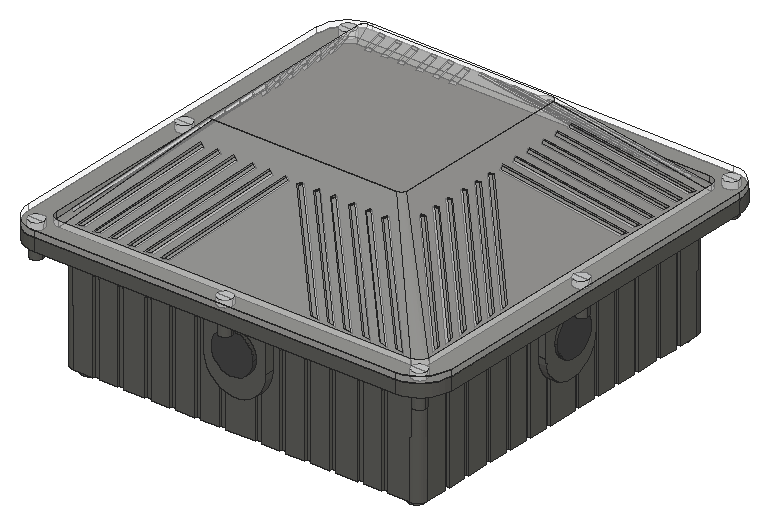
Revit family "SGC", category Lighting Fixtures, host Face, Revit 2021
Family settings
  Host = Face
  Round Connector Dimension = Use Diameter
  Part Type = Normal
  OmniClass Number = 23.80.70.14
  OmniClass Title = Luminaries for External Lighting
  Cut with Voids When Loaded = No
  Light Source = Yes
  Shared = Yes
  Room Calculation Point = No
Parameters (values of type "SGC-20-4K")
  Width 1 = 5.000"
  Width = 11.630"
  Watts = 25 W
  Wattage Comments = "25W"
  Wattage = 25 W
  Warranty = "5 years Warranty"  # constant formula
  built-in parameter 1150110 = 1 (stored number, unit not read)
  Voltage = 120 V
  URL = "https://www.hubbell.com/hubbelloutdoorlighting/en"
  built-in parameter 1114217 = 1 (stored number, unit not read)
  Tilt Angle = 15.00°
  built-in parameter 1150109 = 1 (stored number, unit not read)
  built-in parameter 1150134 = 12
  built-in parameter 1150113 = 1 (stored number, unit not read)
  Steel = Paint - Hubbell - White Texture
  Reflector Finish = Hubbell - White Glass
  Product Page URL = "https://www.hubbell.com/hubbelllightingci/en/Products/Lighting-Controls/Commercial-Outdoor-Lighting/Ceiling-Canopy-Garage/SGC-Sling/p/8330220"
  Product Documentation URL = "https://hubbellcdn.com/specsheet/Sling_SGC-F.pdf"
  Power Factor = 1
  Photometric Web File = "SGC-20-4K.ies"
  Model = "SGC"  # constant formula
  Manufacturer = "Hubbell Outdoor Lighting"  # constant formula
  built-in parameter 1150105 = 238.73 (stored number, unit not read)
  Lumens = 3000 lm
  built-in parameter 1150115 = 1 (stored number, unit not read)
  Load Classification = Lighting
  built-in parameter 1150137 = (empty or 0)
  built-in parameter 1150139 = (empty or 0)
  Length = 48.000"
  built-in parameter 1150112 = 1 (stored number, unit not read)
  built-in parameter 1150114 = 1 (stored number, unit not read)
  Lamp = "LED"  # constant formula
  built-in parameter 1150132 = (empty or 0)
  built-in parameter 1150102 = (empty or 0)
  built-in parameter 1150107 = 4000 (stored number, unit not read)
  built-in parameter 1150138 = (empty or 0)
  built-in parameter 1150106 = 2.3873 (stored number, unit not read)
  IP Rating = "IP65"  # constant formula
  Housing Material = Paint - Hubbell - Metallic Bronze Textured
  Features = "Commercial grade LED canopy luminare for use in outdoor applications\r\nsuch a commercial building, retail, government and educational facilities\r\n• Low profile housing with a frosted lens for reduced pixilation and glare\r\n• Available in three wattages; 20W, 40W and 60W\r\n• Two housing finishes including white and dark bronze\r\n• Type 5 distribution"  # constant formula
  built-in parameter 1150104 = 11.148 (stored number, unit not read)
  Dimming Lamp Color Temperature Shift = <None>
  Description = "Sling Canopy"  # constant formula
  Default Elevation = 48.000"
  Copyright = "© 2021 Hubbell Outdoor Lighting, a division of Hubbell Lighting, Inc. Specifications subject to change without notice."  # constant formula
  Contact = "https://www.hubbell.com/hubbelloutdoorlighting/en/contactUs"
  Connector Description = "Lighting Connector"  # constant formula
  Color Filter = 16777215
  built-in parameter 1114216 [instance] = (empty or 0)
  Certifications = "CSA Certified, DLC Premium"  # constant formula
  Black Housing = Hubbell - Black
  built-in parameter 1114218 = 1 (stored number, unit not read)
  built-in parameter 1150133 = 10 (stored number, unit not read)
  Assembly Code = "D5020200"
  Apparent Load = Watts / Power Factor  # 25 VA
Types (3): name | Watts | Wattage Comments | Wattage | Steel | Photometric Web File | built-in parameter 1150105 | Lumens | built-in parameter 1150106 | Apparent Load
  SGC-20-4K | 25 W | "25W" | 25 W | Paint - Hubbell - White Texture | "SGC-20-4K.ies" | 238.73 (stored number, unit not read) | 3000 lm | 2.3873 (stored number, unit not read) | 25 VA
  SGC-40-4K | 40 W | "40W" | 40 W | Hubbell - White Glass | "SGC-40-4K.ies" | 381.86 (stored number, unit not read) | 4800 lm | 3.8186 (stored number, unit not read) | 40 VA
  SGC-60-4K | 60 W | "60W" | 60 W | Paint - Hubbell - White Texture | "SGC-60-4K.ies" | 572.79 (stored number, unit not read) | 7200 lm | 5.7279 (stored number, unit not read) | 60 VA
Reference planes (in)
  plane 1 "Center (Front/Back)": y = 0
  plane 2: z = 0
  plane 3 "Center (Left/Right)": x = 0
  plane 4: z = 9.34
  plane 5: x = -5.1
  plane 6: x = 5.1
  plane 7: y = 5.1
  plane 8: y = -5.1
  plane 9: z = 5.2809
Forms (in)
  Extrusion 1, solid, material "Paint - Hubbell - Metallic Bronze Textured" <- "Housing Material"
    sketch origin (0, 0, 0) x (1, 0, 0) y (0, 1, 0)
      loop
        arc (-4.35, 5.1) -> (-4.88033, 4.88033) -> (-5.1, 4.35) r 0.75
        line (-5.1, 4.35) -> (-5.1, -4.35)
        arc (-5.1, -4.35) -> (-4.88033, -4.88033) -> (-4.35, -5.1) r 0.75
        line (-4.35, -5.1) -> (4.35, -5.1)
        arc (4.35, -5.1) -> (4.88033, -4.88033) -> (5.1, -4.35) r 0.75
        line (5.1, -4.35) -> (5.1, 4.35)
        arc (5.1, 4.35) -> (4.88033, 4.88033) -> (4.35, 5.1) r 0.75
        line (4.35, 5.1) -> (-4.35, 5.1)
    from 2.8 to 3.1
  Blend 2, solid, material "Paint - Hubbell - Metallic Bronze Textured" <- "Housing Material"
    base sketch origin (0, 0, 0) x (1, 0, 0) y (0, 1, 0)
      loop
        arc (-4.07128, 4.3) -> (-4.23301, 4.23301) -> (-4.3, 4.07128) r 0.22872
        line (-4.3, 4.07128) -> (-4.3, -4.07128)
        arc (-4.3, -4.07128) -> (-4.23301, -4.23301) -> (-4.07128, -4.3) r 0.22872
        line (-4.07128, -4.3) -> (4.07128, -4.3)
        arc (4.07128, -4.3) -> (4.23301, -4.23301) -> (4.3, -4.07128) r 0.22872
        line (4.3, -4.07128) -> (4.3, 4.07128)
        arc (4.3, 4.07128) -> (4.23301, 4.23301) -> (4.07128, 4.3) r 0.22872
        line (4.07128, 4.3) -> (-4.07128, 4.3)
    top sketch origin (0, 0, 0) x (1, 0, 0) y (0, 1, 0)
      loop
        arc (-4.05, 4.3) -> (-4.22678, 4.22678) -> (-4.3, 4.05) r 0.25
        line (-4.3, 4.05) -> (-4.3, -4.05)
        arc (-4.3, -4.05) -> (-4.22678, -4.22678) -> (-4.05, -4.3) r 0.25
        line (-4.05, -4.3) -> (4.05, -4.3)
        arc (4.05, -4.3) -> (4.22678, -4.22678) -> (4.3, -4.05) r 0.25
        line (4.3, -4.05) -> (4.3, 4.05)
        arc (4.3, 4.05) -> (4.22678, 4.22678) -> (4.05, 4.3) r 0.25
        line (4.05, 4.3) -> (-4.05, 4.3)
    from 2.8 to 0
  Blend 3, solid, material "Hubbell - White Glass" <- "Reflector Finish"
    base sketch origin (0, 0, 0) x (1, 0, 0) y (0, 1, 0)
      loop
        arc (-2.28833, -2.15092) -> (-2.24974, -2.24409) -> (-2.15657, -2.28269) r 0.13177
        line (-2.15657, -2.28269) -> (2.11269, -2.28269)
        arc (2.11269, -2.28269) -> (2.20586, -2.24409) -> (2.24445, -2.15092) r 0.13177
        line (2.24445, -2.15092) -> (2.24445, 2.11834)
        arc (2.24445, 2.11834) -> (2.20586, 2.21151) -> (2.11269, 2.2501) r 0.13177
        line (2.11269, 2.2501) -> (-2.15657, 2.2501)
        arc (-2.15657, 2.2501) -> (-2.24974, 2.21151) -> (-2.28833, 2.11834) r 0.13177
        line (-2.28833, 2.11834) -> (-2.28833, -2.15092)
    top sketch origin (0, 0, 0) x (1, 0, 0) y (0, 1, 0)
      loop
        line (4.26064, 4.5) -> (-4.26064, 4.5)
        arc (-4.26064, 4.5) -> (-4.42989, 4.42989) -> (-4.5, 4.26064) r 0.23936
        line (-4.5, 4.26064) -> (-4.5, -4.26064)
        arc (-4.5, -4.26064) -> (-4.42989, -4.42989) -> (-4.26064, -4.5) r 0.23936
        line (-4.26064, -4.5) -> (4.26064, -4.5)
        arc (4.26064, -4.5) -> (4.42989, -4.42989) -> (4.5, -4.26064) r 0.23936
        line (4.5, -4.26064) -> (4.5, 4.26064)
        arc (4.5, 4.26064) -> (4.42989, 4.42989) -> (4.26064, 4.5) r 0.23936
    from 5.2809 to 3.1
  Extrusion 4, solid, material "Paint - Hubbell - Metallic Bronze Textured" <- "Housing Material"
    sketch origin (0, 4.3, 0) x (1, 0, 0) y (0, 0, -1)
      loop
        line (0, -2.8) -> (0.75, -2.8) -> (0.75, -1.675)
        arc (0.75, -1.675) -> (0, -0.925) -> (-0.75, -1.675) r 0.75
        line (-0.75, -1.675) -> (-0.75, -2.8) -> (0, -2.8)
    from 0 to 0.2
  Extrusion 5, void
    sketch origin (0, 0, 1.6875) x (1, 0, 0) y (0, 0, 1)
      loop
        line (-4.56029, 3.96206) -> (-4.56029, 3.34711)
        arc (-4.56029, 3.34711) -> (0.06471, 3.56147) -> (4.68971, 3.34711) r 50
        line (4.68971, 3.34711) -> (4.68971, 3.96206) -> (-4.56029, 3.96206)
    from -4.5 to 4.5
  Extrusion 6, solid, material "Paint - Hubbell - Metallic Bronze Textured" <- "Housing Material"
    sketch origin (0, -4.3, 0) x (1, 0, 0) y (0, 0, 1)
      loop
        line (0, 2.8) -> (-0.75, 2.8) -> (-0.75, 1.675)
        arc (-0.75, 1.675) -> (0, 0.925) -> (0.75, 1.675) r 0.75
        line (0.75, 1.675) -> (0.75, 2.8) -> (0, 2.8)
    from 0 to 0.2
  Extrusion 7, solid, material "Paint - Hubbell - Metallic Bronze Textured" <- "Housing Material"
    sketch origin (-4.3, 0, 0) x (0, 1, 0) y (0, 0, -1)
      loop
        line (0, -2.8) -> (0.75, -2.8) -> (0.75, -1.675)
        arc (0.75, -1.675) -> (0, -0.925) -> (-0.75, -1.675) r 0.75
        line (-0.75, -1.675) -> (-0.75, -2.8) -> (0, -2.8)
    from 0 to 0.2
  Extrusion 8, solid, material "Paint - Hubbell - Metallic Bronze Textured" <- "Housing Material"
    sketch origin (4.3, 0, 0) x (0, 1, 0) y (0, 0, 1)
      loop
        line (0, 2.8) -> (-0.75, 2.8) -> (-0.75, 1.675)
        arc (-0.75, 1.675) -> (0, 0.925) -> (0.75, 1.675) r 0.75
        line (0.75, 1.675) -> (0.75, 2.8) -> (0, 2.8)
    from 0 to 0.2
  Extrusion 9, void
    sketch origin (0, 0, 0) x (1, 0, 0) y (0, 0, 1)
      loop
        line (-3.5891, -0.00681) -> (-3.4391, -0.00681) -> (-3.4391, 2.17756)
        arc (-3.4391, 2.17756) -> (-3.5141, 2.25256) -> (-3.5891, 2.17756) r 0.075
        line (-3.5891, 2.17756) -> (-3.5891, -0.00681)
      loop
        line (-3.00518, -0.00681) -> (-2.85518, -0.00681) -> (-2.85518, 2.17756)
        arc (-2.85518, 2.17756) -> (-2.93018, 2.25256) -> (-3.00518, 2.17756) r 0.075
        line (-3.00518, 2.17756) -> (-3.00518, -0.00681)
      loop
        line (-2.33051, -0.00681) -> (-2.18051, -0.00681) -> (-2.18051, 2.17756)
        arc (-2.18051, 2.17756) -> (-2.25551, 2.25256) -> (-2.33051, 2.17756) r 0.075
        line (-2.33051, 2.17756) -> (-2.33051, -0.00681)
      loop
        line (-1.73484, -0.00681) -> (-1.58484, -0.00681) -> (-1.58484, 2.17756)
        arc (-1.58484, 2.17756) -> (-1.65984, 2.25256) -> (-1.73484, 2.17756) r 0.075
        line (-1.73484, 2.17756) -> (-1.73484, -0.00681)
      loop
        line (-1.13569, -0.00681) -> (-0.98569, -0.00681) -> (-0.98569, 2.17756)
        arc (-0.98569, 2.17756) -> (-1.06069, 2.25256) -> (-1.13569, 2.17756) r 0.075
        line (-1.13569, 2.17756) -> (-1.13569, -0.00681)
      loop
        line (-0.54002, -0.00681) -> (-0.39002, -0.00681) -> (-0.39002, 2.17756)
        arc (-0.39002, 2.17756) -> (-0.46502, 2.25256) -> (-0.54002, 2.17756) r 0.075
        line (-0.54002, 2.17756) -> (-0.54002, -0.00681)
      loop
        line (3.5266, -0.00681) -> (3.5266, 2.17756)
        arc (3.5266, 2.17756) -> (3.4516, 2.25256) -> (3.3766, 2.17756) r 0.075
        line (3.3766, 2.17756) -> (3.3766, -0.00681) -> (3.5266, -0.00681)
      loop
        line (2.94268, -0.00681) -> (2.94268, 2.17756)
        arc (2.94268, 2.17756) -> (2.86768, 2.25256) -> (2.79268, 2.17756) r 0.075
        line (2.79268, 2.17756) -> (2.79268, -0.00681) -> (2.94268, -0.00681)
      loop
        line (2.26801, -0.00681) -> (2.26801, 2.17756)
        arc (2.26801, 2.17756) -> (2.19301, 2.25256) -> (2.11801, 2.17756) r 0.075
        line (2.11801, 2.17756) -> (2.11801, -0.00681) -> (2.26801, -0.00681)
      loop
        line (1.67234, -0.00681) -> (1.67234, 2.17756)
        arc (1.67234, 2.17756) -> (1.59734, 2.25256) -> (1.52234, 2.17756) r 0.075
        line (1.52234, 2.17756) -> (1.52234, -0.00681) -> (1.67234, -0.00681)
      loop
        line (1.07319, -0.00681) -> (1.07319, 2.17756)
        arc (1.07319, 2.17756) -> (0.99819, 2.25256) -> (0.92319, 2.17756) r 0.075
        line (0.92319, 2.17756) -> (0.92319, -0.00681) -> (1.07319, -0.00681)
      loop
        line (0.47752, -0.00681) -> (0.47752, 2.17756)
        arc (0.47752, 2.17756) -> (0.40252, 2.25256) -> (0.32752, 2.17756) r 0.075
        line (0.32752, 2.17756) -> (0.32752, -0.00681) -> (0.47752, -0.00681)
    from 4.24632 to 4.3
  Extrusion 10, void
    sketch origin (0, 0, 0) x (1, 0, 0) y (0, 0, -1)
      loop
        line (-3.5891, 0.00681) -> (-3.5891, -2.17756)
        arc (-3.5891, -2.17756) -> (-3.5141, -2.25256) -> (-3.4391, -2.17756) r 0.075
        line (-3.4391, -2.17756) -> (-3.4391, 0.00681) -> (-3.5891, 0.00681)
      loop
        line (-3.00518, 0.00681) -> (-3.00518, -2.17756)
        arc (-3.00518, -2.17756) -> (-2.93018, -2.25256) -> (-2.85518, -2.17756) r 0.075
        line (-2.85518, -2.17756) -> (-2.85518, 0.00681) -> (-3.00518, 0.00681)
      loop
        line (-2.33051, 0.00681) -> (-2.33051, -2.17756)
        arc (-2.33051, -2.17756) -> (-2.25551, -2.25256) -> (-2.18051, -2.17756) r 0.075
        line (-2.18051, -2.17756) -> (-2.18051, 0.00681) -> (-2.33051, 0.00681)
      loop
        line (-1.73484, 0.00681) -> (-1.73484, -2.17756)
        arc (-1.73484, -2.17756) -> (-1.65984, -2.25256) -> (-1.58484, -2.17756) r 0.075
        line (-1.58484, -2.17756) -> (-1.58484, 0.00681) -> (-1.73484, 0.00681)
      loop
        line (-1.13569, 0.00681) -> (-1.13569, -2.17756)
        arc (-1.13569, -2.17756) -> (-1.06069, -2.25256) -> (-0.98569, -2.17756) r 0.075
        line (-0.98569, -2.17756) -> (-0.98569, 0.00681) -> (-1.13569, 0.00681)
      loop
        line (-0.54002, 0.00681) -> (-0.54002, -2.17756)
        arc (-0.54002, -2.17756) -> (-0.46502, -2.25256) -> (-0.39002, -2.17756) r 0.075
        line (-0.39002, -2.17756) -> (-0.39002, 0.00681) -> (-0.54002, 0.00681)
      loop
        line (3.5266, 0.00681) -> (3.3766, 0.00681) -> (3.3766, -2.17756)
        arc (3.3766, -2.17756) -> (3.4516, -2.25256) -> (3.5266, -2.17756) r 0.075
        line (3.5266, -2.17756) -> (3.5266, 0.00681)
      loop
        line (2.94268, 0.00681) -> (2.79268, 0.00681) -> (2.79268, -2.17756)
        arc (2.79268, -2.17756) -> (2.86768, -2.25256) -> (2.94268, -2.17756) r 0.075
        line (2.94268, -2.17756) -> (2.94268, 0.00681)
      loop
        line (2.26801, 0.00681) -> (2.11801, 0.00681) -> (2.11801, -2.17756)
        arc (2.11801, -2.17756) -> (2.19301, -2.25256) -> (2.26801, -2.17756) r 0.075
        line (2.26801, -2.17756) -> (2.26801, 0.00681)
      loop
        line (1.67234, 0.00681) -> (1.52234, 0.00681) -> (1.52234, -2.17756)
        arc (1.52234, -2.17756) -> (1.59734, -2.25256) -> (1.67234, -2.17756) r 0.075
        line (1.67234, -2.17756) -> (1.67234, 0.00681)
      loop
        line (1.07319, 0.00681) -> (0.92319, 0.00681) -> (0.92319, -2.17756)
        arc (0.92319, -2.17756) -> (0.99819, -2.25256) -> (1.07319, -2.17756) r 0.075
        line (1.07319, -2.17756) -> (1.07319, 0.00681)
      loop
        line (0.47752, 0.00681) -> (0.32752, 0.00681) -> (0.32752, -2.17756)
        arc (0.32752, -2.17756) -> (0.40252, -2.25256) -> (0.47752, -2.17756) r 0.075
        line (0.47752, -2.17756) -> (0.47752, 0.00681)
    from 4.24632 to 4.3
  Extrusion 11, void
    sketch origin (-0.03125, 0.03125, 0) x (0, 1, 0) y (0, 0, 1)
      loop
        line (-3.5891, -0.00681) -> (-3.4391, -0.00681) -> (-3.4391, 2.17756)
        arc (-3.4391, 2.17756) -> (-3.5141, 2.25256) -> (-3.5891, 2.17756) r 0.075
        line (-3.5891, 2.17756) -> (-3.5891, -0.00681)
      loop
        line (-3.00518, -0.00681) -> (-2.85518, -0.00681) -> (-2.85518, 2.17756)
        arc (-2.85518, 2.17756) -> (-2.93018, 2.25256) -> (-3.00518, 2.17756) r 0.075
        line (-3.00518, 2.17756) -> (-3.00518, -0.00681)
      loop
        line (-2.33051, -0.00681) -> (-2.18051, -0.00681) -> (-2.18051, 2.17756)
        arc (-2.18051, 2.17756) -> (-2.25551, 2.25256) -> (-2.33051, 2.17756) r 0.075
        line (-2.33051, 2.17756) -> (-2.33051, -0.00681)
      loop
        line (-1.73484, -0.00681) -> (-1.58484, -0.00681) -> (-1.58484, 2.17756)
        arc (-1.58484, 2.17756) -> (-1.65984, 2.25256) -> (-1.73484, 2.17756) r 0.075
        line (-1.73484, 2.17756) -> (-1.73484, -0.00681)
      loop
        line (-1.13569, -0.00681) -> (-0.98569, -0.00681) -> (-0.98569, 2.17756)
        arc (-0.98569, 2.17756) -> (-1.06069, 2.25256) -> (-1.13569, 2.17756) r 0.075
        line (-1.13569, 2.17756) -> (-1.13569, -0.00681)
      loop
        line (-0.54002, -0.00681) -> (-0.39002, -0.00681) -> (-0.39002, 2.17756)
        arc (-0.39002, 2.17756) -> (-0.46502, 2.25256) -> (-0.54002, 2.17756) r 0.075
        line (-0.54002, 2.17756) -> (-0.54002, -0.00681)
      loop
        line (3.5266, -0.00681) -> (3.5266, 2.17756)
        arc (3.5266, 2.17756) -> (3.4516, 2.25256) -> (3.3766, 2.17756) r 0.075
        line (3.3766, 2.17756) -> (3.3766, -0.00681) -> (3.5266, -0.00681)
      loop
        line (2.94268, -0.00681) -> (2.94268, 2.17756)
        arc (2.94268, 2.17756) -> (2.86768, 2.25256) -> (2.79268, 2.17756) r 0.075
        line (2.79268, 2.17756) -> (2.79268, -0.00681) -> (2.94268, -0.00681)
      loop
        line (2.26801, -0.00681) -> (2.26801, 2.17756)
        arc (2.26801, 2.17756) -> (2.19301, 2.25256) -> (2.11801, 2.17756) r 0.075
        line (2.11801, 2.17756) -> (2.11801, -0.00681) -> (2.26801, -0.00681)
      loop
        line (1.67234, -0.00681) -> (1.67234, 2.17756)
        arc (1.67234, 2.17756) -> (1.59734, 2.25256) -> (1.52234, 2.17756) r 0.075
        line (1.52234, 2.17756) -> (1.52234, -0.00681) -> (1.67234, -0.00681)
      loop
        line (1.07319, -0.00681) -> (1.07319, 2.17756)
        arc (1.07319, 2.17756) -> (0.99819, 2.25256) -> (0.92319, 2.17756) r 0.075
        line (0.92319, 2.17756) -> (0.92319, -0.00681) -> (1.07319, -0.00681)
      loop
        line (0.47752, -0.00681) -> (0.47752, 2.17756)
        arc (0.47752, 2.17756) -> (0.40252, 2.25256) -> (0.32752, 2.17756) r 0.075
        line (0.32752, 2.17756) -> (0.32752, -0.00681) -> (0.47752, -0.00681)
    from 4.24632 to 4.33125
  Extrusion 12, void
    sketch origin (-0.03125, 0.03125, 0) x (0, 1, 0) y (0, 0, -1)
      loop
        line (-3.5891, 0.00681) -> (-3.5891, -2.17756)
        arc (-3.5891, -2.17756) -> (-3.5141, -2.25256) -> (-3.4391, -2.17756) r 0.075
        line (-3.4391, -2.17756) -> (-3.4391, 0.00681) -> (-3.5891, 0.00681)
      loop
        line (-3.00518, 0.00681) -> (-3.00518, -2.17756)
        arc (-3.00518, -2.17756) -> (-2.93018, -2.25256) -> (-2.85518, -2.17756) r 0.075
        line (-2.85518, -2.17756) -> (-2.85518, 0.00681) -> (-3.00518, 0.00681)
      loop
        line (-2.33051, 0.00681) -> (-2.33051, -2.17756)
        arc (-2.33051, -2.17756) -> (-2.25551, -2.25256) -> (-2.18051, -2.17756) r 0.075
        line (-2.18051, -2.17756) -> (-2.18051, 0.00681) -> (-2.33051, 0.00681)
      loop
        line (-1.73484, 0.00681) -> (-1.73484, -2.17756)
        arc (-1.73484, -2.17756) -> (-1.65984, -2.25256) -> (-1.58484, -2.17756) r 0.075
        line (-1.58484, -2.17756) -> (-1.58484, 0.00681) -> (-1.73484, 0.00681)
      loop
        line (-1.13569, 0.00681) -> (-1.13569, -2.17756)
        arc (-1.13569, -2.17756) -> (-1.06069, -2.25256) -> (-0.98569, -2.17756) r 0.075
        line (-0.98569, -2.17756) -> (-0.98569, 0.00681) -> (-1.13569, 0.00681)
      loop
        line (-0.54002, 0.00681) -> (-0.54002, -2.17756)
        arc (-0.54002, -2.17756) -> (-0.46502, -2.25256) -> (-0.39002, -2.17756) r 0.075
        line (-0.39002, -2.17756) -> (-0.39002, 0.00681) -> (-0.54002, 0.00681)
      loop
        line (3.5266, 0.00681) -> (3.3766, 0.00681) -> (3.3766, -2.17756)
        arc (3.3766, -2.17756) -> (3.4516, -2.25256) -> (3.5266, -2.17756) r 0.075
        line (3.5266, -2.17756) -> (3.5266, 0.00681)
      loop
        line (2.94268, 0.00681) -> (2.79268, 0.00681) -> (2.79268, -2.17756)
        arc (2.79268, -2.17756) -> (2.86768, -2.25256) -> (2.94268, -2.17756) r 0.075
        line (2.94268, -2.17756) -> (2.94268, 0.00681)
      loop
        line (2.26801, 0.00681) -> (2.11801, 0.00681) -> (2.11801, -2.17756)
        arc (2.11801, -2.17756) -> (2.19301, -2.25256) -> (2.26801, -2.17756) r 0.075
        line (2.26801, -2.17756) -> (2.26801, 0.00681)
      loop
        line (1.67234, 0.00681) -> (1.52234, 0.00681) -> (1.52234, -2.17756)
        arc (1.52234, -2.17756) -> (1.59734, -2.25256) -> (1.67234, -2.17756) r 0.075
        line (1.67234, -2.17756) -> (1.67234, 0.00681)
      loop
        line (1.07319, 0.00681) -> (0.92319, 0.00681) -> (0.92319, -2.17756)
        arc (0.92319, -2.17756) -> (0.99819, -2.25256) -> (1.07319, -2.17756) r 0.075
        line (1.07319, -2.17756) -> (1.07319, 0.00681)
      loop
        line (0.47752, 0.00681) -> (0.32752, 0.00681) -> (0.32752, -2.17756)
        arc (0.32752, -2.17756) -> (0.40252, -2.25256) -> (0.47752, -2.17756) r 0.075
        line (0.47752, -2.17756) -> (0.47752, 0.00681)
    from 4.24632 to 4.3
  Extrusion 13, void
    sketch origin (0.49368, -2.24927, 5.31377) x (1, 0, 0) y (0, -0.712936, -0.701229)
      loop
        line (-4.26622, 2.96281) -> (-4.43783, 2.99079) -> (-2.75083, 0.64659) -> (-2.65104, 0.71841) -> (-4.26622, 2.96281)
    from 0 to 0.075
  Extrusion 14, void
    sketch origin (0.89657, -2.24927, 5.31377) x (1, 0, 0) y (0, -0.712936, -0.701229)
      loop
        line (-4.26622, 2.96281) -> (-4.43783, 2.99079) -> (-2.75083, 0.64659) -> (-2.65104, 0.71841) -> (-4.26622, 2.96281)
    from 0 to 0.075
  Extrusion 15, void
    sketch origin (1.29237, -2.24927, 5.31377) x (1, 0, 0) y (0, -0.712936, -0.701229)
      loop
        line (-4.26622, 2.96281) -> (-4.43783, 2.99079) -> (-2.75083, 0.64659) -> (-2.65104, 0.71841) -> (-4.26622, 2.96281)
    from 0 to 0.075
  Extrusion 16, void
    sketch origin (1.74368, -2.24927, 5.31377) x (1, 0, 0) y (0, -0.712936, -0.701229)
      loop
        line (-4.26622, 2.96281) -> (-4.43783, 2.99079) -> (-2.75083, 0.64659) -> (-2.65104, 0.71841) -> (-4.26622, 2.96281)
    from 0 to 0.075
  Extrusion 17, void
    sketch origin (2.14657, -2.24927, 5.31377) x (1, 0, 0) y (0, -0.712936, -0.701229)
      loop
        line (-4.26622, 2.96281) -> (-4.43783, 2.99079) -> (-2.75083, 0.64659) -> (-2.65104, 0.71841) -> (-4.26622, 2.96281)
    from 0 to 0.075
  Extrusion 18, void
    sketch origin (2.54237, -2.24927, 5.31377) x (1, 0, 0) y (0, -0.712936, -0.701229)
      loop
        line (-4.26622, 2.96281) -> (-4.43783, 2.99079) -> (-2.75083, 0.64659) -> (-2.65104, 0.71841) -> (-4.26622, 2.96281)
    from 0 to 0.075
  Extrusion 19, void
    sketch origin (-0.49368, -2.24927, 5.31377) x (-1, 0, 0) y (0, 0.712936, 0.701229)
      loop
        line (-4.26622, -2.96281) -> (-2.65104, -0.71841) -> (-2.75083, -0.64659) -> (-4.43783, -2.99079) -> (-4.26622, -2.96281)
    from 0 to 0.075
  Extrusion 20, void
    sketch origin (-0.89657, -2.24927, 5.31377) x (-1, 0, 0) y (0, 0.712936, 0.701229)
      loop
        line (-4.26622, -2.96281) -> (-2.65104, -0.71841) -> (-2.75083, -0.64659) -> (-4.43783, -2.99079) -> (-4.26622, -2.96281)
    from 0 to 0.075
  Extrusion 21, void
    sketch origin (-1.29237, -2.24927, 5.31377) x (-1, 0, 0) y (0, 0.712936, 0.701229)
      loop
        line (-4.26622, -2.96281) -> (-2.65104, -0.71841) -> (-2.75083, -0.64659) -> (-4.43783, -2.99079) -> (-4.26622, -2.96281)
    from 0 to 0.075
  Extrusion 22, void
    sketch origin (-1.74368, -2.24927, 5.31377) x (-1, 0, 0) y (0, 0.712936, 0.701229)
      loop
        line (-4.26622, -2.96281) -> (-2.65104, -0.71841) -> (-2.75083, -0.64659) -> (-4.43783, -2.99079) -> (-4.26622, -2.96281)
    from 0 to 0.075
  Extrusion 23, void
    sketch origin (-2.14657, -2.24927, 5.31377) x (-1, 0, 0) y (0, 0.712936, 0.701229)
      loop
        line (-4.26622, -2.96281) -> (-2.65104, -0.71841) -> (-2.75083, -0.64659) -> (-4.43783, -2.99079) -> (-4.26622, -2.96281)
    from 0 to 0.075
  Extrusion 24, void
    sketch origin (-2.54237, -2.24927, 5.31377) x (-1, 0, 0) y (0, 0.712936, 0.701229)
      loop
        line (-4.26622, -2.96281) -> (-2.65104, -0.71841) -> (-2.75083, -0.64659) -> (-4.43783, -2.99079) -> (-4.26622, -2.96281)
    from 0 to 0.075
  Extrusion 25, solid, material "Hubbell - Black" <- "Black Housing"
    sketch origin (0, 0, 0) x (1, 0, 0) y (0, 0, 1)
      loop
        circle (0, 1.91191) r 0.5
    from 4.5 to 4.58956
  Extrusion 26, solid, material "Hubbell - Black" <- "Black Housing"
    sketch origin (0, 0, 0) x (1, 0, 0) y (0, 0, -1)
      loop
        circle (0, -1.91191) r 0.5
    from 4.5 to 4.58956
  Extrusion 27, solid, material "Hubbell - Black" <- "Black Housing"
    sketch origin (0, 0, 0) x (0, 1, 0) y (0, 0, 1)
      loop
        circle (0, 1.91191) r 0.5
    from 4.5 to 4.58956
  Extrusion 28, solid, material "Hubbell - Black" <- "Black Housing"
    sketch origin (0, 0, 0) x (0, 1, 0) y (0, 0, -1)
      loop
        circle (0, -1.91191) r 0.5
    from 4.5 to 4.58956
  Extrusion 29, solid, material "Paint - Hubbell - Metallic Bronze Textured" <- "Housing Material"
    sketch origin (0, 0, 0) x (1, 0, 0) y (0, 1, 0)
      loop
        circle (-3.95092, 3.95447) r 0.2
      loop
        circle (3.95092, 3.95447) r 0.2
      loop
        circle (-3.95092, -3.95447) r 0.2
      loop
        circle (3.95092, -3.95447) r 0.2
    from -0.14053 to 0.2
  Extrusion 30, solid, material "Paint - Hubbell - Metallic Bronze Textured" <- "Housing Material"
    sketch origin (0, 0, 0) x (1, 0, 0) y (0, 1, 0)
      loop
        circle (-4.63626, 4.70519) r 0.15
      loop
        circle (0, 4.83019) r 0.15
      loop
        circle (4.61848, 4.70519) r 0.15
      loop
        circle (-4.63626, -4.70519) r 0.15
      loop
        circle (0, -4.79894) r 0.15
      loop
        circle (4.61848, -4.70519) r 0.15
      loop
        circle (-4.79251, -0.03917) r 0.15
      loop
        circle (4.79499, -0.03917) r 0.15
    from 2.44284 to 2.8
  Extrusion 31, solid, material "Hubbell - White Glass" <- "Reflector Finish"
    sketch origin (0, 0, 0) x (1, 0, 0) y (0, 1, 0)
      loop
        line (-5.1, 4.35) -> (-5.1, -4.35)
        arc (-5.1, -4.35) -> (-4.88033, -4.88033) -> (-4.35, -5.1) r 0.75
        line (-4.35, -5.1) -> (4.35, -5.1)
        arc (4.35, -5.1) -> (4.88033, -4.88033) -> (5.1, -4.35) r 0.75
        line (5.1, -4.35) -> (5.1, 4.35)
        arc (5.1, 4.35) -> (4.88033, 4.88033) -> (4.35, 5.1) r 0.75
        line (4.35, 5.1) -> (-4.35, 5.1)
        arc (-4.35, 5.1) -> (-4.88033, 4.88033) -> (-5.1, 4.35) r 0.75
      loop
        arc (-4.25, 4.5) -> (-4.42678, 4.42678) -> (-4.5, 4.25) r 0.25
        line (-4.5, 4.25) -> (-4.5, -4.25)
        arc (-4.5, -4.25) -> (-4.42678, -4.42678) -> (-4.25, -4.5) r 0.25
        line (-4.25, -4.5) -> (4.25, -4.5)
        arc (4.25, -4.5) -> (4.42678, -4.42678) -> (4.5, -4.25) r 0.25
        line (4.5, -4.25) -> (4.5, 4.25)
        arc (4.5, 4.25) -> (4.42678, 4.42678) -> (4.25, 4.5) r 0.25
        line (4.25, 4.5) -> (-4.25, 4.5)
    from 3.1 to 3.25375
  Revolve 32, solid, material "Paint - Hubbell - White Texture" <- "Steel"
    sketch origin (0.17647, -0.04052, 0) x (1, 0, 0) y (0, 0, 1)
      loop
        line (4.61848, 3.24814) -> (4.61848, 2.8) -> (4.69162, 2.8) -> (4.69162, 3.09746) -> (4.79832, 3.09746) -> (4.79832, 3.24814) -> (4.61848, 3.24814)
      axis (4.61848, 2.8) -> (4.61848, 3.24814)
    angle from 0 to 360
  Revolve 33, solid, material "Paint - Hubbell - White Texture" <- "Steel"
    sketch origin (-0.00332, 4.71005, 0) x (1, 0, 0) y (0, 0, 1)
      loop
        line (4.61848, 3.24814) -> (4.61848, 2.8) -> (4.69162, 2.8) -> (4.69162, 3.09746) -> (4.79832, 3.09746) -> (4.79832, 3.24814) -> (4.61848, 3.24814)
      axis (4.61848, 2.8) -> (4.61848, 3.24814)
    angle from 0 to 360
  Revolve 34, solid, material "Paint - Hubbell - White Texture" <- "Steel"
    sketch origin (-0.00332, -4.70236, 0) x (1, 0, 0) y (0, 0, 1)
      loop
        line (4.61848, 3.24814) -> (4.61848, 2.8) -> (4.69162, 2.8) -> (4.69162, 3.09746) -> (4.79832, 3.09746) -> (4.79832, 3.24814) -> (4.61848, 3.24814)
      axis (4.61848, 2.8) -> (4.61848, 3.24814)
    angle from 0 to 360
  Revolve 35, solid, material "Paint - Hubbell - White Texture" <- "Steel"
    sketch origin (-9.24704, -4.70236, 0) x (1, 0, 0) y (0, 0, 1)
      loop
        line (4.61848, 3.24814) -> (4.61848, 2.8) -> (4.69162, 2.8) -> (4.69162, 3.09746) -> (4.79832, 3.09746) -> (4.79832, 3.24814) -> (4.61848, 3.24814)
      axis (4.61848, 2.8) -> (4.61848, 3.24814)
    angle from 0 to 360
  Revolve 36, solid, material "Paint - Hubbell - White Texture" <- "Steel"
    sketch origin (-4.62064, -4.80032, 0) x (1, 0, 0) y (0, 0, 1)
      loop
        line (4.61848, 3.24814) -> (4.61848, 2.8) -> (4.69162, 2.8) -> (4.69162, 3.09746) -> (4.79832, 3.09746) -> (4.79832, 3.24814) -> (4.61848, 3.24814)
      axis (4.61848, 2.8) -> (4.61848, 3.24814)
    angle from 0 to 360
  Revolve 37, solid, material "Paint - Hubbell - White Texture" <- "Steel"
    sketch origin (-9.40934, -0.04287, 0) x (1, 0, 0) y (0, 0, 1)
      loop
        line (4.61848, 3.24814) -> (4.61848, 2.8) -> (4.69162, 2.8) -> (4.69162, 3.09746) -> (4.79832, 3.09746) -> (4.79832, 3.24814) -> (4.61848, 3.24814)
      axis (4.61848, 2.8) -> (4.61848, 3.24814)
    angle from 0 to 360
  Revolve 38, solid, material "Paint - Hubbell - White Texture" <- "Steel"
    sketch origin (-9.25138, 4.70423, 0) x (1, 0, 0) y (0, 0, 1)
      loop
        line (4.61848, 3.24814) -> (4.61848, 2.8) -> (4.69162, 2.8) -> (4.69162, 3.09746) -> (4.79832, 3.09746) -> (4.79832, 3.24814) -> (4.61848, 3.24814)
      axis (4.61848, 2.8) -> (4.61848, 3.24814)
    angle from 0 to 360
  Revolve 39, solid, material "Paint - Hubbell - White Texture" <- "Steel"
    sketch origin (-4.62056, 4.83497, 0) x (1, 0, 0) y (0, 0, 1)
      loop
        line (4.61848, 3.24814) -> (4.61848, 2.8) -> (4.69162, 2.8) -> (4.69162, 3.09746) -> (4.79832, 3.09746) -> (4.79832, 3.24814) -> (4.61848, 3.24814)
      axis (4.61848, 2.8) -> (4.61848, 3.24814)
    angle from 0 to 360
  Extrusion 40, void
    sketch origin (0.49368, 2.24927, 5.31377) x (1, 0, 0) y (0, -0.712936, 0.701229)
      loop
        line (-4.26622, -2.96281) -> (-2.65104, -0.71841) -> (-2.75083, -0.64659) -> (-4.43783, -2.99079) -> (-4.26622, -2.96281)
    from 0 to 0.075
  Extrusion 41, void
    sketch origin (0.89657, 2.24927, 5.31377) x (1, 0, 0) y (0, -0.712936, 0.701229)
      loop
        line (-4.26622, -2.96281) -> (-2.65104, -0.71841) -> (-2.75083, -0.64659) -> (-4.43783, -2.99079) -> (-4.26622, -2.96281)
    from 0 to 0.075
  Extrusion 42, void
    sketch origin (1.29237, 2.24927, 5.31377) x (1, 0, 0) y (0, -0.712936, 0.701229)
      loop
        line (-4.26622, -2.96281) -> (-2.65104, -0.71841) -> (-2.75083, -0.64659) -> (-4.43783, -2.99079) -> (-4.26622, -2.96281)
    from 0 to 0.075
  Extrusion 43, void
    sketch origin (1.74368, 2.24927, 5.31377) x (1, 0, 0) y (0, -0.712936, 0.701229)
      loop
        line (-4.26622, -2.96281) -> (-2.65104, -0.71841) -> (-2.75083, -0.64659) -> (-4.43783, -2.99079) -> (-4.26622, -2.96281)
    from 0 to 0.075
  Extrusion 44, void
    sketch origin (2.14657, 2.24927, 5.31377) x (1, 0, 0) y (0, -0.712936, 0.701229)
      loop
        line (-4.26622, -2.96281) -> (-2.65104, -0.71841) -> (-2.75083, -0.64659) -> (-4.43783, -2.99079) -> (-4.26622, -2.96281)
    from 0 to 0.075
  Extrusion 45, void
    sketch origin (2.54237, 2.24927, 5.31377) x (1, 0, 0) y (0, -0.712936, 0.701229)
      loop
        line (-4.26622, -2.96281) -> (-2.65104, -0.71841) -> (-2.75083, -0.64659) -> (-4.43783, -2.99079) -> (-4.26622, -2.96281)
    from 0 to 0.075
  Extrusion 46, void
    sketch origin (-0.49368, 2.24927, 5.31377) x (-1, 0, 0) y (0, 0.712936, -0.701229)
      loop
        line (-4.26622, 2.96281) -> (-4.43783, 2.99079) -> (-2.75083, 0.64659) -> (-2.65104, 0.71841) -> (-4.26622, 2.96281)
    from 0 to 0.075
  Extrusion 47, void
    sketch origin (-0.89657, 2.24927, 5.31377) x (-1, 0, 0) y (0, 0.712936, -0.701229)
      loop
        line (-4.26622, 2.96281) -> (-4.43783, 2.99079) -> (-2.75083, 0.64659) -> (-2.65104, 0.71841) -> (-4.26622, 2.96281)
    from 0 to 0.075
  Extrusion 48, void
    sketch origin (-1.29237, 2.24927, 5.31377) x (-1, 0, 0) y (0, 0.712936, -0.701229)
      loop
        line (-4.26622, 2.96281) -> (-4.43783, 2.99079) -> (-2.75083, 0.64659) -> (-2.65104, 0.71841) -> (-4.26622, 2.96281)
    from 0 to 0.075
  Extrusion 49, void
    sketch origin (-1.74368, 2.24927, 5.31377) x (-1, 0, 0) y (0, 0.712936, -0.701229)
      loop
        line (-4.26622, 2.96281) -> (-4.43783, 2.99079) -> (-2.75083, 0.64659) -> (-2.65104, 0.71841) -> (-4.26622, 2.96281)
    from 0 to 0.075
  Extrusion 50, void
    sketch origin (-2.14657, 2.24927, 5.31377) x (-1, 0, 0) y (0, 0.712936, -0.701229)
      loop
        line (-4.26622, 2.96281) -> (-4.43783, 2.99079) -> (-2.75083, 0.64659) -> (-2.65104, 0.71841) -> (-4.26622, 2.96281)
    from 0 to 0.075
  Extrusion 51, void
    sketch origin (-2.54237, 2.24927, 5.31377) x (-1, 0, 0) y (0, 0.712936, -0.701229)
      loop
        line (-4.26622, 2.96281) -> (-4.43783, 2.99079) -> (-2.75083, 0.64659) -> (-2.65104, 0.71841) -> (-4.26622, 2.96281)
    from 0 to 0.075
  Extrusion 52, void
    sketch origin (2.24927, 0.49368, 5.31377) x (0, 1, 0) y (0.712936, 0, -0.701229)
      loop
        line (-4.26622, 2.96281) -> (-4.43783, 2.99079) -> (-2.75083, 0.64659) -> (-2.65104, 0.71841) -> (-4.26622, 2.96281)
    from 0 to 0.075
  Extrusion 53, void
    sketch origin (2.24927, 0.89657, 5.31377) x (0, 1, 0) y (0.712936, 0, -0.701229)
      loop
        line (-4.26622, 2.96281) -> (-4.43783, 2.99079) -> (-2.75083, 0.64659) -> (-2.65104, 0.71841) -> (-4.26622, 2.96281)
    from 0 to 0.075
  Extrusion 54, void
    sketch origin (2.24927, 1.29237, 5.31377) x (0, 1, 0) y (0.712936, 0, -0.701229)
      loop
        line (-4.26622, 2.96281) -> (-4.43783, 2.99079) -> (-2.75083, 0.64659) -> (-2.65104, 0.71841) -> (-4.26622, 2.96281)
    from 0 to 0.075
  Extrusion 55, void
    sketch origin (2.24927, 1.74368, 5.31377) x (0, 1, 0) y (0.712936, 0, -0.701229)
      loop
        line (-4.26622, 2.96281) -> (-4.43783, 2.99079) -> (-2.75083, 0.64659) -> (-2.65104, 0.71841) -> (-4.26622, 2.96281)
    from 0 to 0.075
  Extrusion 56, void
    sketch origin (2.24927, 2.14657, 5.31377) x (0, 1, 0) y (0.712936, 0, -0.701229)
      loop
        line (-4.26622, 2.96281) -> (-4.43783, 2.99079) -> (-2.75083, 0.64659) -> (-2.65104, 0.71841) -> (-4.26622, 2.96281)
    from 0 to 0.075
  Extrusion 57, void
    sketch origin (2.24927, 2.54237, 5.31377) x (0, 1, 0) y (0.712936, 0, -0.701229)
      loop
        line (-4.26622, 2.96281) -> (-4.43783, 2.99079) -> (-2.75083, 0.64659) -> (-2.65104, 0.71841) -> (-4.26622, 2.96281)
    from 0 to 0.075
  Extrusion 58, void
    sketch origin (2.24927, -0.49368, 5.31377) x (0, -1, 0) y (-0.712936, 0, 0.701229)
      loop
        line (-4.26622, -2.96281) -> (-2.65104, -0.71841) -> (-2.75083, -0.64659) -> (-4.43783, -2.99079) -> (-4.26622, -2.96281)
    from 0 to 0.075
  Extrusion 59, void
    sketch origin (2.24927, -0.89657, 5.31377) x (0, -1, 0) y (-0.712936, 0, 0.701229)
      loop
        line (-4.26622, -2.96281) -> (-2.65104, -0.71841) -> (-2.75083, -0.64659) -> (-4.43783, -2.99079) -> (-4.26622, -2.96281)
    from 0 to 0.075
  Extrusion 60, void
    sketch origin (2.24927, -1.29237, 5.31377) x (0, -1, 0) y (-0.712936, 0, 0.701229)
      loop
        line (-4.26622, -2.96281) -> (-2.65104, -0.71841) -> (-2.75083, -0.64659) -> (-4.43783, -2.99079) -> (-4.26622, -2.96281)
    from 0 to 0.075
  Extrusion 61, void
    sketch origin (2.24927, -1.74368, 5.31377) x (0, -1, 0) y (-0.712936, 0, 0.701229)
      loop
        line (-4.26622, -2.96281) -> (-2.65104, -0.71841) -> (-2.75083, -0.64659) -> (-4.43783, -2.99079) -> (-4.26622, -2.96281)
    from 0 to 0.075
  Extrusion 62, void
    sketch origin (2.24927, -2.14657, 5.31377) x (0, -1, 0) y (-0.712936, 0, 0.701229)
      loop
        line (-4.26622, -2.96281) -> (-2.65104, -0.71841) -> (-2.75083, -0.64659) -> (-4.43783, -2.99079) -> (-4.26622, -2.96281)
    from 0 to 0.075
  Extrusion 63, void
    sketch origin (2.24927, -2.54237, 5.31377) x (0, -1, 0) y (-0.712936, 0, 0.701229)
      loop
        line (-4.26622, -2.96281) -> (-2.65104, -0.71841) -> (-2.75083, -0.64659) -> (-4.43783, -2.99079) -> (-4.26622, -2.96281)
    from 0 to 0.075
  Extrusion 64, void
    sketch origin (-2.24927, 0.49368, 5.31377) x (0, 1, 0) y (0.712936, 0, 0.701229)
      loop
        line (-4.26622, -2.96281) -> (-2.65104, -0.71841) -> (-2.75083, -0.64659) -> (-4.43783, -2.99079) -> (-4.26622, -2.96281)
    from 0 to 0.075
  Extrusion 65, void
    sketch origin (-2.24927, 0.89657, 5.31377) x (0, 1, 0) y (0.712936, 0, 0.701229)
      loop
        line (-4.26622, -2.96281) -> (-2.65104, -0.71841) -> (-2.75083, -0.64659) -> (-4.43783, -2.99079) -> (-4.26622, -2.96281)
    from 0 to 0.075
  Extrusion 66, void
    sketch origin (-2.24927, 1.29237, 5.31377) x (0, 1, 0) y (0.712936, 0, 0.701229)
      loop
        line (-4.26622, -2.96281) -> (-2.65104, -0.71841) -> (-2.75083, -0.64659) -> (-4.43783, -2.99079) -> (-4.26622, -2.96281)
    from 0 to 0.075
  Extrusion 67, void
    sketch origin (-2.24927, 1.74368, 5.31377) x (0, 1, 0) y (0.712936, 0, 0.701229)
      loop
        line (-4.26622, -2.96281) -> (-2.65104, -0.71841) -> (-2.75083, -0.64659) -> (-4.43783, -2.99079) -> (-4.26622, -2.96281)
    from 0 to 0.075
  Extrusion 68, void
    sketch origin (-2.24927, 2.14657, 5.31377) x (0, 1, 0) y (0.712936, 0, 0.701229)
      loop
        line (-4.26622, -2.96281) -> (-2.65104, -0.71841) -> (-2.75083, -0.64659) -> (-4.43783, -2.99079) -> (-4.26622, -2.96281)
    from 0 to 0.075
  Extrusion 69, void
    sketch origin (-2.24927, 2.54237, 5.31377) x (0, 1, 0) y (0.712936, 0, 0.701229)
      loop
        line (-4.26622, -2.96281) -> (-2.65104, -0.71841) -> (-2.75083, -0.64659) -> (-4.43783, -2.99079) -> (-4.26622, -2.96281)
    from 0 to 0.075
  Extrusion 70, void
    sketch origin (-2.24927, -0.49368, 5.31377) x (0, -1, 0) y (-0.712936, 0, -0.701229)
      loop
        line (-4.26622, 2.96281) -> (-4.43783, 2.99079) -> (-2.75083, 0.64659) -> (-2.65104, 0.71841) -> (-4.26622, 2.96281)
    from 0 to 0.075
  Extrusion 71, void
    sketch origin (-2.24927, -0.89657, 5.31377) x (0, -1, 0) y (-0.712936, 0, -0.701229)
      loop
        line (-4.26622, 2.96281) -> (-4.43783, 2.99079) -> (-2.75083, 0.64659) -> (-2.65104, 0.71841) -> (-4.26622, 2.96281)
    from 0 to 0.075
  Extrusion 72, void
    sketch origin (-2.24927, -1.29237, 5.31377) x (0, -1, 0) y (-0.712936, 0, -0.701229)
      loop
        line (-4.26622, 2.96281) -> (-4.43783, 2.99079) -> (-2.75083, 0.64659) -> (-2.65104, 0.71841) -> (-4.26622, 2.96281)
    from 0 to 0.075
  Extrusion 73, void
    sketch origin (-2.24927, -1.74368, 5.31377) x (0, -1, 0) y (-0.712936, 0, -0.701229)
      loop
        line (-4.26622, 2.96281) -> (-4.43783, 2.99079) -> (-2.75083, 0.64659) -> (-2.65104, 0.71841) -> (-4.26622, 2.96281)
    from 0 to 0.075
  Extrusion 74, void
    sketch origin (-2.24927, -2.14657, 5.31377) x (0, -1, 0) y (-0.712936, 0, -0.701229)
      loop
        line (-4.26622, 2.96281) -> (-4.43783, 2.99079) -> (-2.75083, 0.64659) -> (-2.65104, 0.71841) -> (-4.26622, 2.96281)
    from 0 to 0.075
  Extrusion 75, void
    sketch origin (-2.24927, -2.54237, 5.31377) x (0, -1, 0) y (-0.712936, 0, -0.701229)
      loop
        line (-4.26622, 2.96281) -> (-4.43783, 2.99079) -> (-2.75083, 0.64659) -> (-2.65104, 0.71841) -> (-4.26622, 2.96281)
    from 0 to 0.075
Cuts and joins
  Extrusion 5, Extrusion 13, Extrusion 14, Extrusion 15, Extrusion 16, Extrusion 17, Extrusion 18, Extrusion 19, Extrusion 20, Extrusion 21, Extrusion 22, Extrusion 23, Extrusion 24, Extrusion 40, Extrusion 41, Extrusion 42, Extrusion 43, Extrusion 44, Extrusion 45, Extrusion 46, Extrusion 47, Extrusion 48, Extrusion 49, Extrusion 50, Extrusion 51, Extrusion 52, Extrusion 53, Extrusion 54, Extrusion 55, Extrusion 56, Extrusion 57, Extrusion 58, Extrusion 59, Extrusion 60, Extrusion 61, Extrusion 62, Extrusion 63, Extrusion 64, Extrusion 65, Extrusion 66, Extrusion 67, Extrusion 68, Extrusion 69, Extrusion 70, Extrusion 71, Extrusion 72, Extrusion 73, Extrusion 74, Extrusion 75 cuts Blend 3
  Extrusion 9, Extrusion 10, Extrusion 11, Extrusion 12 cuts Blend 2
  Extrusion 10, Extrusion 11 cuts Extrusion 6
  Extrusion 12 cuts Extrusion 4
  Extrusion 13 cuts Extrusion 1
Dimensions and locks (in)
  plane 4 to plane 2 = 9.340"  (x2)
  plane 6 to plane 5 = 10.200"
  plane 9 to plane 2 = 5.2809"
  aligned and locked: plane 2 to host face
  aligned and locked: level to host face
  aligned and locked: Blend 2 to Extrusion 1
  aligned and locked: plane 9 to Blend 3
  aligned and locked: imposter light to plane 3 "Center (Left/Right)"
Connectors (in)
  electrical at (0, 0, 0)
    settings: on Blend 2, index 1, voltage 120 V, apparent load 60 VA, apparent load phase1 0 VA, apparent load phase2 0 VA, apparent load phase3 0 VA, power factor 1, load classification "Other", number of poles 1, system type 30, power factor state 1, is connector primary yes, connector utility no, sub classification motor no, connector description "Lighting Connector"
